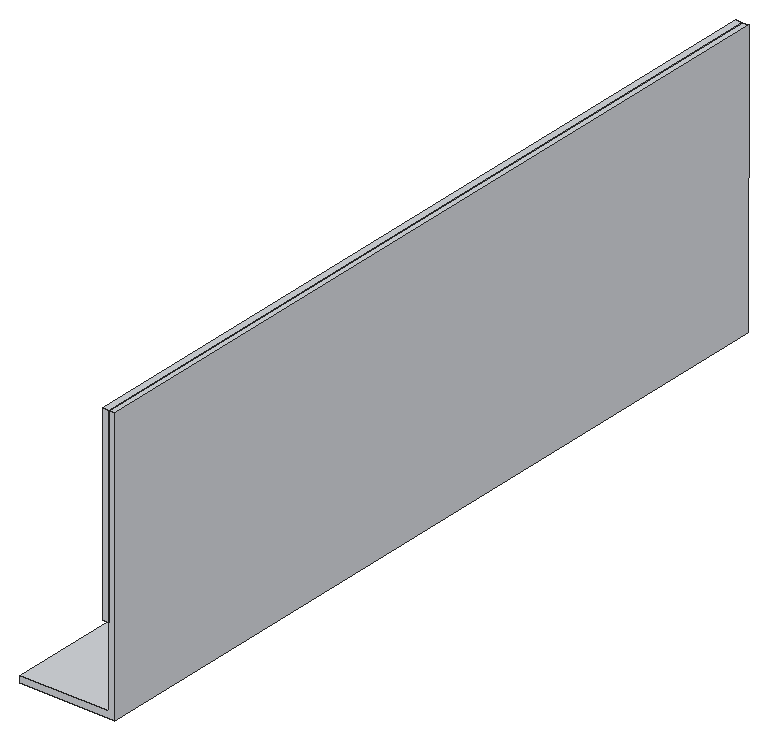
Revit family "Bürstenleisten-Kanalsystem OKB_Kanalendstück", category Generic Models, Revit 2015
Parameters (values of type "OKB ES 25085")
  Width = 250 mm
  URL = "http://www.obo-bettermann.com"
  Material = Steel, Galvanized
  Manufacturer Art. No. = "7403820"
  Manufacturer = "OBO Bettermann"
  HeightCalc = if(Height < 87 mm, 87 mm, (if(Height > 125 mm, 125 mm, Height)))  # 87 mm
  Height = 87 mm
  GTIN = "4012195699569"
  Article Type = "OKB ES 25085"
Reference planes
  plane 1 "Center (Front/Back)": y = 0
  plane 2: z = 0
  plane 3 "Center (Left/Right)": x = 0
  plane 4: x = -2
  plane 5: x = -4
  plane 6: z = 2
  plane 7: z = 87
  plane 8: z = 87
  plane 9: x = -30
  plane 10: z = 27
  plane 11: y = -250
Forms (mm)
  Extrusion 1, solid
    sketch origin (0, 0, 0) x (1, 0, 0) y (0, 0, 1)
      loop
        line (0, 87) -> (-2, 87) -> (-2, 2) -> (-30, 2) -> (-30, 0) -> (0, 0) -> (0, 87)
    from 0 to 250
  Extrusion 2, solid
    sketch origin (0, 0, 0) x (1, 0, 0) y (0, 0, 1)
      loop
        line (-4, 87) -> (-4, 27) -> (-2, 27) -> (-2, 87) -> (-4, 87)
    from 0 to 250
Lines and regions (mm)
  model lines
    curve 1: line (2, 696.141, 0) -> (0, 696.141, 0)
    curve 2: line (2, 696.141, 0) -> (0, 696.141, 0)
    curve 3: line (0, 696.141, 0) -> (2, 696.141, 0)
    curve 4: line (0, 696.141, 0) -> (2, 696.141, 0)
    curve 5: line (2, 696.141, 0) -> (0, 696.141, 0)
    curve 6: line (0, 696.141, 0) -> (0, 0, 0)
    curve 7: line (0, 0, 87) -> (-2, 0, 87)
    curve 8: line (-2, 0, 87) -> (-2, 0, 2)
    curve 9: line (-2, 0, 2) -> (-30, 0, 2)
    curve 10: line (-30, 0, 2) -> (-30, 0, 0)
    curve 11: line (-30, 0, 0) -> (0, 0, 0)
    curve 12: line (0, 0, 0) -> (0, 0, 87)
    curve 13: line (-2, 0, 87) -> (-4, 0, 87)
    curve 14: line (-4, 0, 87) -> (-4, 0, 27)
    curve 15: line (-4, 0, 27) -> (-2, 0, 27)
    curve 16: line (-2, 0, 27) -> (-2, 0, 87)
Dimensions and locks
  locked: level to plane 6 at 2
  locked: plane 4 to plane 3 "Center (Left/Right)" at 2
  locked: plane 5 to plane 3 "Center (Left/Right)" at 4
  locked: plane 3 "Center (Left/Right)" to plane 9 at 30
  "HeightCalc": level to plane 8
  locked: level to plane 7 at 87
  locked: plane 10 to plane 8 at 60
  "Width": plane 1 "Center (Front/Back)" to plane 11
  aligned and locked: level to plane 2
  aligned and locked: plane 7 to curve 7
  aligned and locked: plane 4 to curve 8
  aligned and locked: plane 6 to curve 9
  aligned and locked: plane 9 to curve 10
  aligned and locked: curve 11 to plane 2
  aligned and locked: plane 3 "Center (Left/Right)" to curve 12
  aligned and locked: plane 4 to curve 13
  aligned and locked: plane 5 to curve 14
  aligned and locked: curve 15 to plane 10
  aligned and locked: curve 16 to curve 8
  aligned and locked: Extrusion 1 sketch curve to curve 7
  aligned and locked: Extrusion 1 sketch curve to curve 12
  aligned and locked: Extrusion 1 sketch curve to curve 8
  aligned and locked: Extrusion 1 sketch curve to curve 9
  aligned and locked: Extrusion 1 sketch curve to curve 10
  aligned and locked: Extrusion 1 sketch curve to curve 11
  aligned and locked: Extrusion 1 to plane 11
  aligned and locked: Extrusion 2 sketch curve to curve 14
  aligned and locked: Extrusion 2 sketch curve to curve 13
  aligned and locked: Extrusion 2 sketch curve to curve 16
  aligned and locked: Extrusion 2 sketch curve to curve 15
  aligned and locked: Extrusion 1 to Extrusion 2
Automatic sketch dimensions
  curve 4 to plane 3 "Center (Left/Right)" = 0 mm
  plane 1 "Center (Front/Back)" to curve 6 = 0 mm
  curve 1 to plane 1 "Center (Front/Back)" = 696.141 mm
  plane 3 "Center (Left/Right)" to curve 5 = 2 mm
  curve 3 to curve 5 = 0 mm
  curve 2 to curve 3 = 0 mm
  curve 1 to curve 5 = 0 mm
  curve 4 to curve 2 = 0 mm
  curve 16 to plane 8 = 0 mm
